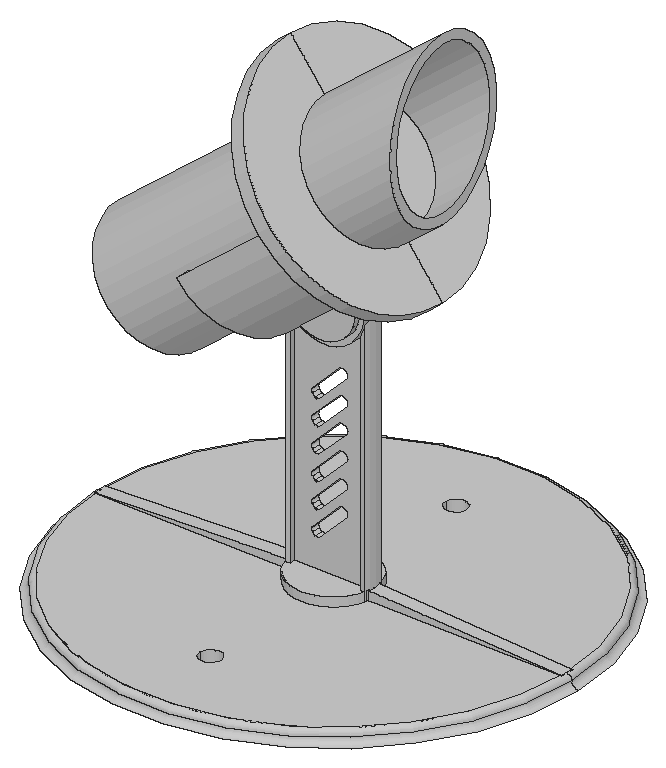
Revit family "SMALL UNDERWATER_LKPB0158WW.30", category Luminarias, Revit 2019
Family settings
  Cota de conector redondo = Diámetro de uso
  Tipo de pieza = Normal
  Se basa en plano de trabajo = Sí
  Siempre vertical = No
  Corte con vacíos al cargar = No
  Origen de luz = Sí
  Compartido = No
  Punto de cálculo de habitación = No
Parameters (values of type "SUB_LKPB0158WW.30")
  Ángulo de inclinación = 60.00°
  Zone [instance] = ""
  Watt per fixture = 2.6
  Wattage = 2.6 W
  built-in parameter 1150107 = 3000 (stored number, unit not read)
  built-in parameter 1150110 = 1 (stored number, unit not read)
  built-in parameter 1150109 = 1 (stored number, unit not read)
  built-in parameter 1150112 = 1 (stored number, unit not read)
  built-in parameter 1150113 = 1 (stored number, unit not read)
  built-in parameter 1114218 = 1 (stored number, unit not read)
  Keynote = ""
  built-in parameter 1150142 = "IESNA:LM-63-1995\r\n[TEST] SMALL UNDERWATER\r\n[DATE] 2016/12/12\r\n[MANUFAC] BRILLANTE ILUMINACION\r\n[LUMCAT] SMALL UNDERWATER\r\n[LUMINAIRE] LKPB0158WW\r\n[LAMPCAT] SMALL UNDERWATER \r\n[LAMP] SMALL UNDERWATER 3000°K 30°\r\nTILT=NONE\r\n0 -1 1.0 19 9 1 2 0.000 0.000 0.000\r\n1 1 2.6\r\n0.0 5.0 10.0 15.0 20.0 25.0 30.0 35.0 40.0 45.0 50.0 55.0 60.0 65.0 70.0 75.0 80.0 85.0 90.0\r\n0.0 45.0 90.0 135.0 180.0 225.0 270.0 315.0 360.0 \r\n578.027 510.945 344.522 203.088 112.758 57.147 31.236 17.513 10.037 6.452 4.404 2.970 2.048 1.434 1.024 0.717 0.410 0.205 0.205\r\n576.183 500.192 349.540 208.311 106.716 53.358 29.495 15.055 8.705 5.735 3.789 2.560 1.843 1.331 0.922 0.614 0.307 0.205 0.102\r\n569.526 457.485 312.262 167.243 76.094 30.417 10.344 6.452 4.506 3.072 2.253 1.639 1.127 0.717 0.307 0.205 0.102 0.102 0.000\r\n576.593 470.594 321.581 173.695 64.419 11.982 4.916 3.482 2.765 2.253 1.741 1.331 0.717 0.307 0.102 0.102 0.102 0.102 0.102\r\n578.027 507.566 361.318 207.696 70.461 9.627 3.789 2.458 2.048 1.843 1.536 1.229 0.410 0.102 0.102 0.102 0.102 0.102 0.102\r\n576.183 505.518 355.480 204.010 88.384 14.645 5.633 4.199 3.277 2.458 1.843 1.331 0.717 0.205 0.102 0.102 0.102 0.102 0.102\r\n569.526 552.526 403.615 250.506 137.031 58.274 15.772 7.988 5.735 3.994 2.868 2.048 1.434 0.922 0.512 0.205 0.102 0.102 0.000\r\n576.593 550.170 376.475 241.698 130.578 64.214 31.441 15.874 9.422 6.350 4.199 2.765 1.946 1.434 1.024 0.614 0.307 0.205 0.102\r\n578.027 510.945 344.522 203.088 112.758 57.147 31.236 17.513 10.037 6.452 4.404 2.970 2.048 1.434 1.024 0.717 0.410 0.205 0.205\r\n"
  built-in parameter 1150137 = (empty or 0)
  built-in parameter 1150132 = (empty or 0)
  Modelo = "LKPB0158WW.30"
  Lámpara = "OSRAM"
  built-in parameter 1150105 = 9.5857 (stored number, unit not read)
  built-in parameter 1150102 = (empty or 0)
  built-in parameter 1150106 = 0.095857 (stored number, unit not read)
  Lumens = 120.458 lm
  Color Filter = 16777215
  built-in parameter 1114217 = 1 (stored number, unit not read)
  built-in parameter 1150139 = (empty or 0)
  Fabricante = "BRILLANT"
  Default Elevation = 0 mm
  built-in parameter 1150104 = 4.3042 (stored number, unit not read)
  Descripción = "LUMINARIA SUB ACUATICA TIPO PUNTUAL, ACABADO EN ACERO INOXIDABLE, CUPERO MOLDEADO EN CROMO, SELLO DE SILICON, VIDRIO TEMPLADO DE 7MM, 1 LED TIPO OSRAM CON UN CONSUMO TOTAL DE 2.6W, 139 LUMENES CON  UNA TEMPERATURA EN BLANCO CALIDO 3000K, IP 68, IK 06, SUMERGIBLE MAXIMO 2M, CABLE H07RN DE 3M, APERTURA A 30 GRADOS, ALIMENTADA A 24V. REQUIERE ACCESORIOS."
  built-in parameter 1150115 = 1 (stored number, unit not read)
  built-in parameter 1150114 = 1 (stored number, unit not read)
  Comentarios de vataje = "24V"
  built-in parameter 1150138 = (empty or 0)
  built-in parameter 1150134 = (empty or 0)
  Circuit [instance] = ""
  Dimming Lamp Color Temperature Shift = (empty or 0)
  Archivo de red fotométrica = "SMALL UNDERWATER_LKPB0158WW 30°.IES"
  built-in parameter 1150133 = 10 (stored number, unit not read)
Reference planes
  plane 1 "Centro (Frontal/Posterior)": y = 0
  plane 2: z = 0
  plane 3 "Centro (Izquierda/Derecha)": x = 0
  plane 4: z = 132
  plane 5: z = 3
  plane 6: x = -653.678
  plane 7: x = 600
  plane 8 "inclinado": through (-18.314, -1524, 86.57) normal (0.7771, 0, 0.6293)
Forms (mm)
  Revolve 1, solid, material "Acero Inoxidable"
    sketch origin (0, 0, 0) x (1, 0, 0) y (0, 0, 1)
      loop
        arc (60, 0) -> (58.861, 0.472) -> (58.389, 1.611) r 1.611
        arc (58.389, 1.611) -> (57.982, 2.593) -> (57, 3) r 1.389
        line (57, 3) -> (0, 3) -> (0, 0) -> (60, 0)
      axis (0, 3) -> (0, 0)
    angle from 0 to 360
  Extrusion 2, solid, material "Acero Inoxidable"
    sketch origin (0, 0, 0) x (1, 0, 0) y (0, 1, 0)
      loop
        circle (0, 0) r 10
    from 3 to 5.134
  Extrusion 3, solid, material "Acero Inoxidable"
    sketch origin (0, 0, 0) x (1, 0, 0) y (0, 0, 1)
      loop
        line (-10, 5.134) -> (-57.216, 3) -> (-10, 3) -> (-10, 5.134)
      loop
        line (10, 5.134) -> (10, 3) -> (57.216, 3) -> (10, 5.134)
    from -1.668 to 1.605
  Extrusion 4, void
    sketch origin (0, 0, 0) x (1, 0, 0) y (0, 1, 0)
      loop
        circle (0, 37.605) r 2.589
      loop
        circle (0, -37.605) r 2.589
    from 0 to 3
  Extrusion 5, solid, material "Acero Inoxidable"
    sketch origin (0, 0, 0) x (1, 0, 0) y (0, 1, 0)
      loop
        arc (-9.664, 2.571) -> (-10, 0) -> (-9.664, -2.571) r 10
        line (-9.664, -2.571) -> (-8.527, -2.387)
        arc (-8.527, -2.387) -> (-8.69, -1.699) -> (-8.798, -1) r 8.855
        line (-8.798, -1) -> (8.798, -1)
        arc (8.798, -1) -> (8.69, -1.699) -> (8.527, -2.387) r 8.855
        line (8.527, -2.387) -> (9.664, -2.571)
        arc (9.664, -2.571) -> (10, 0) -> (9.664, 2.571) r 10
        line (9.664, 2.571) -> (8.527, 2.387)
        arc (8.527, 2.387) -> (8.69, 1.699) -> (8.798, 1) r 8.855
        line (8.798, 1) -> (-8.798, 1)
        arc (-8.798, 1) -> (-8.69, 1.699) -> (-8.527, 2.387) r 8.855
        line (-8.527, 2.387) -> (-9.664, 2.571)
    from 3 to 66.238
  Extrusion 6, void
    sketch origin (0, 0, 0) x (1, 0, 0) y (0, 0, 1)
      loop
        arc (-4.236, 44.448) -> (-4.479, 43.861) -> (-4.236, 43.274) r 0.831
        line (-4.236, 43.274) -> (-3.616, 42.653)
        arc (-3.616, 42.653) -> (-3.028, 42.41) -> (-2.441, 42.653) r 0.831
        line (-2.441, 42.653) -> (4.236, 49.33)
        arc (4.236, 49.33) -> (4.479, 49.917) -> (4.236, 50.505) r 0.831
        line (4.236, 50.505) -> (3.616, 51.125)
        arc (3.616, 51.125) -> (3.028, 51.368) -> (2.441, 51.125) r 0.831
        line (2.441, 51.125) -> (-4.236, 44.448)
      loop
        arc (-4.236, 38.355) -> (-4.479, 37.768) -> (-4.236, 37.18) r 0.831
        line (-4.236, 37.18) -> (-3.616, 36.56)
        arc (-3.616, 36.56) -> (-3.028, 36.317) -> (-2.441, 36.56) r 0.831
        line (-2.441, 36.56) -> (4.236, 43.237)
        arc (4.236, 43.237) -> (4.479, 43.824) -> (4.236, 44.411) r 0.831
        line (4.236, 44.411) -> (3.616, 45.032)
        arc (3.616, 45.032) -> (3.028, 45.275) -> (2.441, 45.032) r 0.831
        line (2.441, 45.032) -> (-4.236, 38.355)
      loop
        arc (-4.236, 32.262) -> (-4.479, 31.674) -> (-4.236, 31.087) r 0.831
        line (-4.236, 31.087) -> (-3.616, 30.467)
        arc (-3.616, 30.467) -> (-3.028, 30.223) -> (-2.441, 30.467) r 0.831
        line (-2.441, 30.467) -> (4.236, 37.143)
        arc (4.236, 37.143) -> (4.479, 37.731) -> (4.236, 38.318) r 0.831
        line (4.236, 38.318) -> (3.616, 38.939)
        arc (3.616, 38.939) -> (3.028, 39.182) -> (2.441, 38.939) r 0.831
        line (2.441, 38.939) -> (-4.236, 32.262)
      loop
        arc (-4.236, 26.169) -> (-4.479, 25.581) -> (-4.236, 24.994) r 0.831
        line (-4.236, 24.994) -> (-3.616, 24.373)
        arc (-3.616, 24.373) -> (-3.028, 24.13) -> (-2.441, 24.373) r 0.831
        line (-2.441, 24.373) -> (4.236, 31.05)
        arc (4.236, 31.05) -> (4.479, 31.637) -> (4.236, 32.225) r 0.831
        line (4.236, 32.225) -> (3.616, 32.845)
        arc (3.616, 32.845) -> (3.028, 33.089) -> (2.441, 32.845) r 0.831
        line (2.441, 32.845) -> (-4.236, 26.169)
      loop
        arc (-4.236, 20.075) -> (-4.479, 19.488) -> (-4.236, 18.9) r 0.831
        line (-4.236, 18.9) -> (-3.616, 18.28)
        arc (-3.616, 18.28) -> (-3.028, 18.037) -> (-2.441, 18.28) r 0.831
        line (-2.441, 18.28) -> (4.236, 24.957)
        arc (4.236, 24.957) -> (4.479, 25.544) -> (4.236, 26.132) r 0.831
        line (4.236, 26.132) -> (3.616, 26.752)
        arc (3.616, 26.752) -> (3.028, 26.995) -> (2.441, 26.752) r 0.831
        line (2.441, 26.752) -> (-4.236, 20.075)
      loop
        arc (-4.236, 13.982) -> (-4.479, 13.395) -> (-4.236, 12.807) r 0.831
        line (-4.236, 12.807) -> (-3.616, 12.187)
        arc (-3.616, 12.187) -> (-3.028, 11.944) -> (-2.441, 12.187) r 0.831
        line (-2.441, 12.187) -> (4.236, 18.864)
        arc (4.236, 18.864) -> (4.479, 19.451) -> (4.236, 20.038) r 0.831
        line (4.236, 20.038) -> (3.616, 20.659)
        arc (3.616, 20.659) -> (3.028, 20.902) -> (2.441, 20.659) r 0.831
        line (2.441, 20.659) -> (-4.236, 13.982)
    from -1 to 1
  Extrusion 7, solid, material "Acero Inoxidable"
    sketch origin (0, 0, 0) x (1, 0, 0) y (0, 0, 1)
      loop
        circle (0, 66.238) r 10
    from -2.669 to 2.776
  Extrusion 8, solid, material "Acero Inoxidable"
    sketch origin (0, 0, 0) x (1, 0, 0) y (0, 0, 1)
      loop
        circle (0, 66.238) r 8.527
    from -3.879 to 3.918
  Extrusion 9, solid, material "Acero Inoxidable"
    sketch origin (38.907, 0, 12.732) x (0.809017, 0, 0.587785) y (-0.587785, 0, 0.809017)
      loop
        line (-8.527, 67.314) -> (-8.527, 65.161) -> (8.251, 65.161) -> (8.251, 67.314) -> (-8.527, 67.314)
    from -6.819 to 6.783
  Extrusion 10, solid, material "Acero Inoxidable"
    sketch origin (35.015, 0, 20.714) x (-0.62932, 0, 0.777146) y (0, -1, 0)
      loop
        line (74.745, 16.141) -> (74.745, 20.141)
        arc (74.745, 20.141) -> (54.604, 0) -> (74.745, -20.141) r 20.141
        line (74.745, -20.141) -> (74.745, -16.141)
        arc (74.745, -16.141) -> (58.604, 0) -> (74.745, 16.141) r 16.141
    from -13.208 to 23.085
  Revolve 11, solid, material "Acero Inoxidable"
    sketch origin (-79.16, 0, 96.158) x (0, 0, -1) y (1, 0, 0)
      loop
        line (40.545, 36.817) -> (53.223, 47.084) -> (23.006, 84.399)
        arc (23.006, 84.399) -> (21.888, 84.469) -> (21.99, 85.585) r 0.781
        line (21.99, 85.585) -> (21.482, 86.212)
        arc (21.482, 86.212) -> (20.383, 86.328) -> (20.499, 87.426) r 0.781
        line (20.499, 87.426) -> (19.99, 88.054)
        arc (19.99, 88.054) -> (18.878, 88.186) -> (19.042, 89.294) r 0.781
        line (19.042, 89.294) -> (14.683, 94.676) -> (25.101, 103.113) -> (22.713, 106.062) -> (12.295, 97.626) -> (-11.117, 126.537) -> (-12.562, 125.367) -> (9.217, 98.473) -> (-2.016, 89.376) -> (40.545, 36.817)
      axis (-23.795, 116.271) -> (40.545, 36.817)
    angle from 0 to 360
  Extrusion 12, void
    sketch origin (27.372, 0, 30.152) x (-0.62932, 0, 0.777146) y (0, -1, 0)
      loop
        circle (63.579, 0.01) r 16.073
      loop
        circle (63.579, 0.01) r 15.534
    from -43.944 to -35.873
  Extrusion 13, void
    sketch origin (0, 0, 0) x (1, 0, 0) y (0, 0, 1)
      loop
        line (26.844, 132.631) -> (26.844, 87.631) -> (51.844, 87.631) -> (51.844, 132.631) -> (26.844, 132.631)
    from -20.591 to 22.166
  Extrusion 14, solid, material "Acero Inoxidable"
    sketch origin (11.387, 0, 49.892) x (-0.62932, 0, 0.777146) y (0, -1, 0)
      loop
        line (37.201, -5) -> (41.531, -2.5) -> (41.531, 2.5) -> (37.201, 5) -> (32.871, 2.5) -> (32.871, -2.5) -> (37.201, -5)
    from -41.395 to -38.156
  Extrusion 15, solid, material "Plastico"
    sketch origin (11.387, 0, 49.892) x (-0.62932, 0, 0.777146) y (0, -1, 0)
      loop
        circle (37.201, 0) r 2.706
    from -48.927 to -41.395
Cuts and joins
  Extrusion 4 cuts Revolve 1
  Extrusion 6 cuts Extrusion 5
  Extrusion 12, Extrusion 13 cuts Revolve 11
  Extrusion 12 cuts Extrusion 7
  Extrusion 12 cuts Extrusion 10
Dimensions and locks
  plane 4 to plane 2 = 132 mm
  plane 4 to level = 132 mm
  plane 5 to level = 3 mm
  Revolve 11 sketch curve to Revolve 11 sketch curve = 16.314 mm
  Revolve 11 sketch curve to Revolve 11 sketch curve = 102.238 mm
  cut or joined group of Revolve 11, Extrusion 12, Extrusion 13 to cut or joined group of Revolve 11, Extrusion 12, Extrusion 13 = 102.238 mm
  Revolve 11 sketch curve to Revolve 11 sketch curve = 29.719 mm
  Extrusion 10 sketch curve to Extrusion 10 sketch curve = 4 mm
  aligned and locked: level to plane 2
  aligned and locked: Extrusion 5 to Extrusion 6  (x2)
Connectors
  electrical at (-50.047, 0, 48.012)
    settings: on Extrusion 15, index 1, voltage 24 V, apparent load 0 VA, apparent load phase1 0 VA, apparent load phase2 0 VA, apparent load phase3 0 VA, power factor 1, load classification "Otro", number of poles 1, system type 31, power factor state 1, is connector primary yes, connector utility no, sub classification motor no, connector description ""
